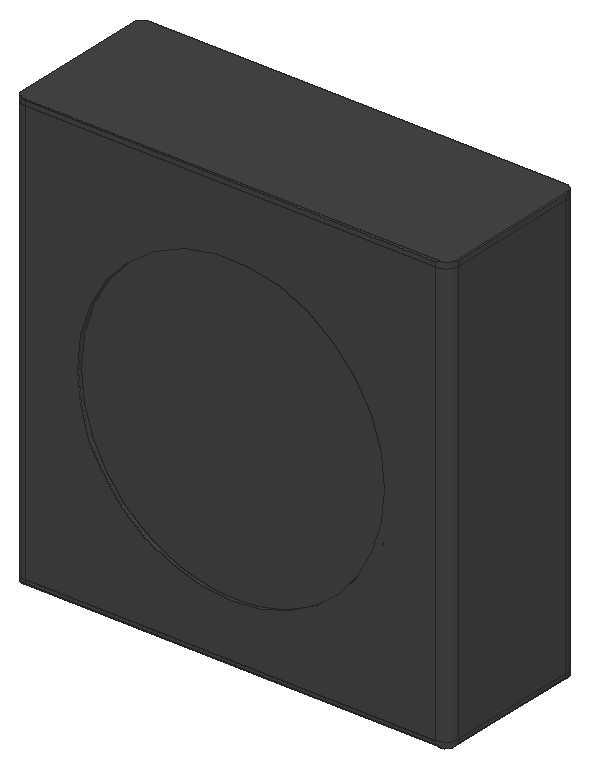
Revit family "EN-582470", category Electrical Equipment, Revit 2016
Family settings
  Panel Configuration = Two Columns, Circuits Across
  Part Type = Panelboard
  Round Connector Dimension = Use Diameter
  OmniClass Number = 23.80.30.11.17
  OmniClass Title = Distribution Boards and Control Panels
  Work Plane-Based = No
  Always vertical = Yes
  Cut with Voids When Loaded = No
  Shared = No
  Room Calculation Point = No
Parameters
  voltage = "100V/70V"
  Weekly = ""
  Warranty ID = ""
  Type = ""
  Supply Phase = "3"
  Shipping Weight = ""
  Shape = ""
  Set Point Concentration = 0.00 m²
  Responsible Sourcing of Materials = "Endorsing body"
  Responsible Extraction of Materials = ""
  Reference Standard = ""
  Quarterly = ""
  Product Range = ""
  Product Model Number = "Or  Code"
  Product Literature = ""
  Power Source (if required) = ""
  Overall Width = 225 mm
  Overall Length = 240 mm
  Overall Height = 165 mm
  O&M Manual = "External data hyperconnection"
  Number of Poles = "3"
  Monthly = ""
  Material2 = cutout(1)
  Material Ingredient Reporting = ""
  Material = Steel
  Manufacturer Website = "External data hyperconnection"
  Maintenance Required 8001-12000hrs = ""
  Maintenance Required 601-1000hrs = ""
  Maintenance Required 40001-8000hrs = ""
  Maintenance Required 301-600hrs = ""
  Maintenance Required 2001-4000hrs = ""
  Maintenance Required 1001-2000hrs = ""
  Maintenance Required 0-300hrs = ""
  Location of Manufacturer = "Northing,Easting"
  Life Cycle Analysis = "A - E"
  Gross Weight = "2.05Kg"
  Green Guide for Specification = "A - E"
  Frequency = "350 Hz ~ 12 kHz"
  Fire Control Panel Links = yes
  Finish = ""
  Features = "Free text to describe product"
  Expected Life = "*Years"
  Environmental Product Declaration = "3rd Party Verification"
  Energy Technology List = "External data hyperconnection"
  Enclosure Rating = "IP rating"
  Embodied Carbon = "kgCO2"
  Default elevation = 1219.2 mm
  Daily = ""
  Coverage Area = 0.056 m²
  Colour = ""
  CE Approval = "Number, Yes, No"
  Bespoke Timeframe = ""
  Battery Type = "e.g. Alkaline, Lithium Ion Rechargeable"
  Battery Supply = ""
  BMS Links = yes
  Annually = ""
  Access Clearance Top = 0 mm
  Access Clearance Right = 0 mm
  Access Clearance Rear = 0 mm
  Access Clearance Left = 0 mm
  Access Clearance Front = 0 mm
  Access Clearance Bottom = 0 mm
  6 Monthly = ""
Reference planes
  plane 1 "Center (Front/Back)": y = 0
  plane 2: z = 0
  plane 3 "Center (Left/Right)": x = 0
Dimensions and locks
  aligned and locked: level to plane 2
Nested families
  nested 1: "582470" at (0, 0, 0), type "582470"
Definition of nested family "582470"
  Parameters (values of type "582470")
    材质 = none
    Material2 = none
    1 = none
  Reference planes
    plane 1 "Center (Front/Back)": y = 0
    plane 2: z = 0
    plane 3 "Center (Left/Right)": x = 0
    plane 4: z = 170
  Forms (mm)
    Extrusion 1, solid, material <- "Material2"
      sketch origin (0, 0, 0) x (1, 0, 0) y (0, 1, 0)
        loop
          arc (-80, 57.189) -> (-83.536, 55.724) -> (-85, 52.189) r 5
          line (-85, 52.189) -> (-85, 0)
          arc (-85, 0) -> (-83.536, -3.536) -> (-80, -5) r 5
          line (-80, -5) -> (80, -5)
          arc (80, -5) -> (83.536, -3.536) -> (85, 0) r 5
          line (85, 0) -> (85, 52.189)
          arc (85, 52.189) -> (83.536, 55.724) -> (80, 57.189) r 5
          line (80, 57.189) -> (-80, 57.189)
        loop
          line (75, 52.189) -> (-75, 52.189)
          arc (-75, 52.189) -> (-78.536, 50.724) -> (-80, 47.189) r 5
          line (-80, 47.189) -> (-80, 5)
          arc (-80, 5) -> (-78.536, 1.464) -> (-75, 0) r 5
          line (-75, 0) -> (75, 0)
          arc (75, 0) -> (78.536, 1.464) -> (80, 5) r 5
          line (80, 5) -> (80, 47.189)
          arc (80, 47.189) -> (78.536, 50.724) -> (75, 52.189) r 5
      from 2.155 to 167.845
    Extrusion 2, solid, material <- "Material2"
      sketch origin (0, 0, 0) x (1, 0, 0) y (0, 1, 0)
        loop
          line (80, 57.189) -> (-80, 57.189)
          arc (-80, 57.189) -> (-83.536, 55.724) -> (-85, 52.189) r 5
          line (-85, 52.189) -> (-85, 0)
          arc (-85, 0) -> (-83.536, -3.536) -> (-80, -5) r 5
          line (-80, -5) -> (80, -5)
          arc (80, -5) -> (83.536, -3.536) -> (85, 0) r 5
          line (85, 0) -> (85, 52.189)
          arc (85, 52.189) -> (83.536, 55.724) -> (80, 57.189) r 5
      from 167.845 to 170
    Extrusion 3, solid, material <- "Material2"
      sketch origin (0, 0, -167.845) x (1, 0, 0) y (0, 1, 0)
        loop
          line (80, 57.189) -> (-80, 57.189)
          arc (-80, 57.189) -> (-83.536, 55.724) -> (-85, 52.189) r 5
          line (-85, 52.189) -> (-85, 0)
          arc (-85, 0) -> (-83.536, -3.536) -> (-80, -5) r 5
          line (-80, -5) -> (80, -5)
          arc (80, -5) -> (83.536, -3.536) -> (85, 0) r 5
          line (85, 0) -> (85, 52.189)
          arc (85, 52.189) -> (83.536, 55.724) -> (80, 57.189) r 5
      from 167.845 to 170
    Extrusion 4, void
      sketch origin (0, 0, 0) x (1, 0, 0) y (0, 0, 1)
        loop
          line (85.562, 170.481) -> (83.23, 170.481)
          arc (83.23, 170.481) -> (84.82, 169.789) -> (85.399, 168.155) r 2.174
          line (85.399, 168.155) -> (85.562, 170.481)
      from -67.14 to 8.465
    Extrusion 5, void
      sketch origin (0, 0, 0) x (-1, 0, 0) y (0, 0, -1)
        loop
          line (85.562, -170.481) -> (85.399, -168.155)
          arc (85.399, -168.155) -> (84.82, -169.789) -> (83.23, -170.481) r 2.174
          line (83.23, -170.481) -> (85.562, -170.481)
      from -67.14 to 8.465
    Extrusion 6, void
      sketch origin (0, 0, 0) x (0, 1, 0) y (0, 0, 1)
        loop
          arc (56.018, 170.431) -> (57.352, 169.503) -> (58.281, 168.168) r 4.604
          line (58.281, 168.168) -> (58.281, 170.431) -> (56.018, 170.431)
      from -88.464 to 89.859
    Extrusion 7, void
      sketch origin (0, 52.189, 0) x (0, -1, 0) y (0, 0, -1)
        loop
          line (56.018, -170.431) -> (58.281, -170.431) -> (58.281, -168.168)
          arc (58.281, -168.168) -> (57.352, -169.503) -> (56.018, -170.431) r 4.604
      from -88.464 to 89.859
    Extrusion 8, void
      sketch origin (-0.057, 0, 170.062) x (1, 0, 0) y (0, 0, 1)
        loop
          line (85.562, -170.481) -> (85.399, -168.155)
          arc (85.399, -168.155) -> (84.82, -169.789) -> (83.23, -170.481) r 2.174
          line (83.23, -170.481) -> (85.562, -170.481)
      from -67.14 to 8.465
    Extrusion 9, void
      sketch origin (0.057, 0, 170.062) x (-1, 0, 0) y (0, 0, -1)
        loop
          line (85.562, 170.481) -> (83.23, 170.481)
          arc (83.23, 170.481) -> (84.82, 169.789) -> (85.399, 168.155) r 2.174
          line (85.399, 168.155) -> (85.562, 170.481)
      from -67.14 to 8.465
    Extrusion 10, void
      sketch origin (0, -0.705, 169.45) x (0, 1, 0) y (0, 0, 1)
        loop
          line (56.018, -170.431) -> (58.281, -170.431) -> (58.281, -168.168)
          arc (58.281, -168.168) -> (57.352, -169.503) -> (56.018, -170.431) r 4.604
      from -88.464 to 89.859
    Extrusion 11, void
      sketch origin (0, 52.893, 169.45) x (0, -1, 0) y (0, 0, -1)
        loop
          arc (56.018, 170.431) -> (57.352, 169.503) -> (58.281, 168.168) r 4.604
          line (58.281, 168.168) -> (58.281, 170.431) -> (56.018, 170.431)
      from -88.464 to 89.859
    Extrusion 12, void
      sketch origin (0, 0, 0) x (1, 0, 0) y (0, 0, 1)
        loop
          circle (0, 82.769) r 60
      from 0 to 12.119
    Extrusion 13, solid, material <- "1"
      sketch origin (0, 0, 0) x (1, 0, 0) y (0, 0, 1)
        loop
          circle (0, 82.769) r 60
      from 0 to 3.404
    Extrusion 14, void
      sketch origin (0, 0, 0) x (1, 0, 0) y (0, 0, 1)
        loop
          circle (35.059, 123.722) r 4
        loop
          circle (-37.705, 123.722) r 4
        loop
          circle (35.059, 48.014) r 4
        loop
          circle (-37.705, 48.014) r 4
        loop
          line (2.701, 115.412) -> (2.701, 132.221)
          arc (2.701, 132.221) -> (0.201, 134.721) -> (-2.299, 132.221) r 2.5
          line (-2.299, 132.221) -> (-2.299, 115.254)
          arc (-2.299, 115.254) -> (0.404, 108.907) -> (2.701, 115.412) r 3.701
        loop
          line (25.605, 86.833) -> (42.414, 86.833)
          arc (42.414, 86.833) -> (44.914, 89.333) -> (42.414, 91.833) r 2.5
          line (42.414, 91.833) -> (25.447, 91.833)
          arc (25.447, 91.833) -> (19.099, 89.13) -> (25.605, 86.833) r 3.701
        loop
          circle (0, 89.161) r 10
        loop
          arc (10.382, 55.258) -> (-1.07, 53.424) -> (-12.523, 55.258) r 36.68
          arc (-12.523, 55.258) -> (-15.678, 53.663) -> (-14.084, 50.508) r 2.5
          arc (-14.084, 50.508) -> (-1.07, 48.424) -> (11.943, 50.508) r 41.68
          arc (11.943, 50.508) -> (17.377, 54.925) -> (10.382, 55.258) r 3.748
        loop
          arc (-35.96, 80.599) -> (-38.785, 91.848) -> (-37.956, 103.416) r 36.68
          arc (-37.956, 103.416) -> (-38.833, 110.63) -> (-42.824, 104.557) r 3.87
          arc (-42.824, 104.557) -> (-43.766, 91.412) -> (-40.556, 78.629) r 41.68
          arc (-40.556, 78.629) -> (-37.273, 77.316) -> (-35.96, 80.599) r 2.5
      from -80.375 to -45.484
    Blend 15, solid, material <- "Material2"
      base sketch origin (0, 0, 0) x (1, 0, 0) y (0, 0, 1)
        loop
          circle (0, 82.769) r 60
      top sketch origin (0, 0, 0) x (1, 0, 0) y (0, 0, 1)
        loop
          circle (0, 82.769) r 35
      from 0 to -52.189
    Blend 16, void
      base sketch origin (0, 0, 0) x (1, 0, 0) y (0, 0, 1)
        loop
          circle (0, 82.769) r 55
      top sketch origin (0, 0, 0) x (1, 0, 0) y (0, 0, 1)
        loop
          circle (0, 82.769) r 30
      from 0 to -48.832
  Cuts and joins
    Extrusion 4, Extrusion 5, Extrusion 6, Extrusion 7, Extrusion 8, Extrusion 10 cuts Extrusion 2
    Extrusion 8, Extrusion 9, Extrusion 10, Extrusion 11 cuts Extrusion 3
    Extrusion 12, Extrusion 14 cuts Extrusion 1
    Extrusion 14, Blend 16 cuts Extrusion 13
    Blend 16 cuts Blend 15
  Dimensions and locks
    aligned and locked: level to plane 2
